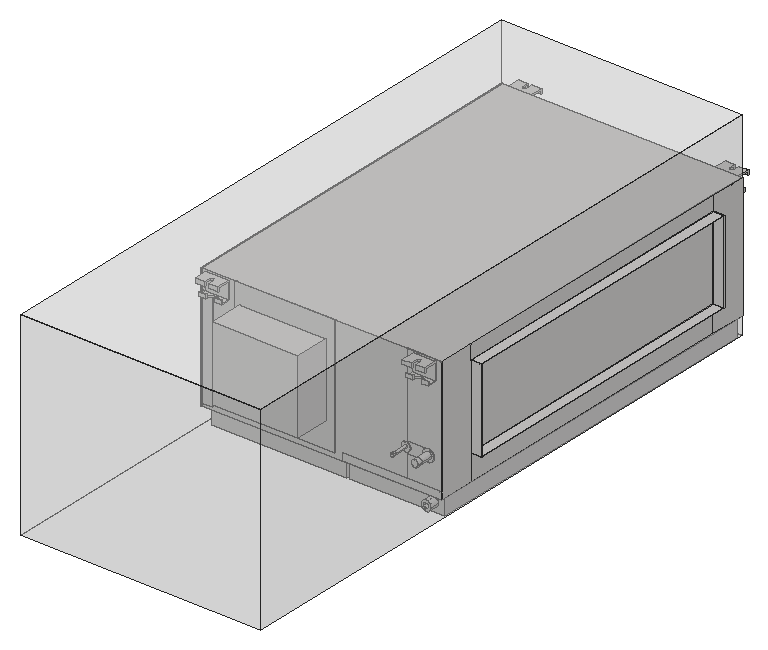
Revit family "outputfile", category 機械設備, Revit 2024
Family settings
  丸型コネクタ寸法 = 半径を使用
  パーツ タイプ = 標準
  OmniClass 番号 = 23.75.10.24.21.27.27
  OmniClass タイトル = Split System Air Conditioning Units
  作業面ベース = いいえ
  常に垂直 = はい
  ロード時にボイドで切り取り = いいえ
  注釈の向きを維持 = いいえ
  共有 = いいえ
  部屋計算ポイント = はい
Parameters (values of type "FDR250QY14")
  Description = ""
  書き出し IFC クラス(タイプ) = "IfcUnitaryEquipmentType"
  定義済み IFC タイプ(タイプ) = "AIRCONDITIONINGUNIT"
  Cost = 0
  Type Comments = ""
  Keynote = ""
  Type Image = (empty or 0)
  Assembly Code = ""
  angle_Drain Pipe [instance] = if(Rear Connection_drainpipe, -90.00°, 90.00°)  # 90.00°
  製造元 = "Daikin"
  モデル = "FDR250QY14"
  w2 = if(Depth = 2195.0 mm, 0.0 mm, if(Depth = 1980.0 mm, 0.0 mm, 352.0 mm))  # 352.0 mm
  w1 = if(Depth = 2195.0 mm, 0.0 mm, if(Depth = 1980.0 mm, 1.0 mm, 20.0 mm))  # 20.0 mm
  switch_frequency = yes
  r_Liquid Pipe Size = Liquid Pipe Size / 2  # 4.75 mm
  r_Gas Pipe Size = Gas Pipe Size / 2  # 11.1 mm
  r_Drain Pipe Size = Drain Pipe Size / 2  # 9.55 mm
  r_D = if(Depth = 2195.0 mm, 41.5 mm, if(Depth = 1980.0 mm, 41.5 mm, 34.5 mm))  # 34.5 mm
  lw_power = if(Depth = 2195.0 mm, Width / 2 - 249.0 mm, if(Depth = 1980.0 mm, Width / 2 - 128.0 mm, Width / 2 - 138.0 mm))  # 287.0 mm
  lw_mountinghole = if(Depth = 2195.0 mm, 100.0 mm, if(Depth = 1980.0 mm, 100.0 mm, if(Depth = 1330.0 mm, 59.0 mm, 59.0 mm)))  # 59.0 mm
  lh_SA = if(Depth = 2195.0 mm, 263.0 mm + SA Duct Size Height / 2, if(Depth = 1980.0 mm, 257.0 mm + SA Duct Size Height / 2, 156.0 mm + SA Duct Size Height / 2))  # 303.0 mm
  ld_SA = if(Depth = 2195.0 mm, 570.0 mm + SA Duct Size Width / 2, if(Depth = 1980.0 mm, 479.0 mm + SA Duct Size Width / 2, 128.0 mm + SA Duct Size Width / 2))  # 665.0 mm
  ld_RA = if(Depth = 2195.0 mm, 171.0 mm + RA Duct Size Width / 2, if(Depth = 1980.0 mm, 169.0 mm + RA Duct Size Width / 2, 128.0 mm + RA Duct Size Width / 2))  # 665.0 mm
  lh_power = if(Depth = 2195.0 mm, 490.0 mm, if(Depth = 1980.0 mm, 300.0 mm, 200.0 mm))  # 200.0 mm
  lh_RA = if(Depth = 2195.0 mm, 60.0 mm + RA Duct Size Height / 2, if(Depth = 1980.0 mm, 61.0 mm + RA Duct Size Height / 2, 156.0 mm + RA Duct Size Height / 2))  # 303.0 mm
  ld_power = if(Depth = 2195.0 mm, 75.8 mm, if(Depth = 1980.0 mm, 70.0 mm, 76.6 mm))  # 76.6 mm
  l_SA = if(Depth = 2195.0 mm, 36.0 mm, if(Depth = 1980.0 mm, 35.0 mm, 39.0 mm))  # 39.0 mm
  l_RA = if(Depth = 2195.0 mm, 36.0 mm, if(Depth = 1980.0 mm, 35.0 mm, 39.0 mm))  # 39.0 mm
  d = if(Depth = 1330.0 mm, 20.0 mm, 0.0 mm)  # 20.0 mm
  connector_voltage = Voltage_50Hz  # 400 V
  connector_powerinput = [Power Input (Cooling)]  # 10.700 kW
  connector_phase = Phase_50Hz  # 3
  Voltage_comment_50Hz = "380 - 415"
  Voltage_50Hz = 400 V
  URL = ""
  Supply Air Direction [instance] = yes
  Sound Power Level_H speed (dB) = 0
  Rear Connection_drainpipe [instance] = not(Front Connection_drainpipe)  # no
  Phase_50Hz = 3
  Minimum External Static Pressure = 0.00 Pa
  Minimum Circuit Amps_50Hz = 4.4 A
  Maximum Fuse Amps_50Hz = 16.0 A
  Maximum External Static Pressure = 98.00 Pa
  Material_Casing = DAIKIN_GalvanizedSteel_Casing_indoorunit
  lw_mountinghole_pitch = if(Depth = 2195.0 mm, 600.0 mm, if(Depth = 1980.0 mm, 600.0 mm, if(Depth = 1330.0 mm, 732.0 mm, 732.0 mm)))  # 732.0 mm
  lh_gaspipe = if(Depth = 2195.0 mm, 205.0 mm, if(Depth = 1980.0 mm, 205.0 mm, 187.0 mm))  # 187.0 mm
  lh_mountinghole = if(Depth = 2195.0 mm, 0.0 mm, if(Depth = 1980.0 mm, 0.0 mm, if(Depth = 1330.0 mm, 495.0 mm, 495.0 mm)))  # 495.0 mm
  lh_liquidpipe = if(Depth = 2195.0 mm, 285.0 mm, if(Depth = 1980.0 mm, 285.0 mm, 187.0 mm))  # 187.0 mm
  lh_drainpipe = if(Depth = 2195.0 mm, 38.0 mm, if(Depth = 1980.0 mm, 38.0 mm, 32.0 mm))  # 32.0 mm
  l_antena = Height - lh_mountinghole + 1.0 mm  # 6.0 mm
  ld_drainpipe = if(Depth = 2195.0 mm, Depth / 2 + 29.0 mm, if(Depth = 1980.0 mm, Depth / 2 + 29.0 mm, Depth / 2 + 9.0 mm))  # 674.0 mm
  ld_liquidpipe = if(Depth = 2195.0 mm, Depth / 2 + 55.0 mm, if(Depth = 1980.0 mm, Depth / 2 + 55.0 mm, Depth / 2 + 60.0 mm))  # 725.0 mm
  ld_gaspipe = if(Depth = 2195.0 mm, Depth / 2 + 55.0 mm, if(Depth = 1980.0 mm, Depth / 2 + 55.0 mm, Depth / 2 + 58.0 mm))  # 723.0 mm
  ld_mountinghole_pitch = if(Depth = 2195.0 mm, 2280.0 mm, if(Depth = 1980.0 mm, 2070.0 mm, 1386.0 mm))  # 1386.0 mm
  h*** = 0.0 mm  # constant formula
  lw_liquidpipe = if(Depth = 2195.0 mm, 83.0 mm, if(Depth = 1980.0 mm, 87.0 mm, 126.0 mm))  # 126.0 mm
  lw_gaspipe = if(Depth = 2195.0 mm, 83.0 mm, if(Depth = 1980.0 mm, 87.0 mm, 47.0 mm))  # 47.0 mm
  lw_drainpipe = if(Depth = 2195.0 mm, 43.0 mm, if(Depth = 1980.0 mm, 45.0 mm, 46.0 mm))  # 46.0 mm
  Width = 850.0 mm
  Version = "ver.1.0"
  Unit Type = "Duct"
  Unit Mass Weight = 106.00 kg
  Unit Designation [instance] = ""
  Uniclass2015Version = "Products v1.30"
  Uniclass2015Title = "Split coil room air conditioning units"
  Uniclass2015Code = "Pr_70_65_03_86"
  Total Cooling Capacity [instance] = 0.000 kW
  Sound Pressure Level_M speed (dBA) = 0
  Sound Pressure Level_L speed (dBA) = 0
  Sound Pressure Level_H speed (dBA) = 57
  Series = "Package Aircon_Fan Coil Unit"
  Sensible Cooling Capacity [instance] = 0.000 kW
  SA Duct Size Width = 1074.0 mm
  SA Duct Size Height = 294.0 mm
  Refrigerant Type = "R410A"
  RA Duct Size Width = 1074.0 mm
  RA Duct Size Height = 294.0 mm
  Power Input (Cooling) = 10.700 kW
  Option Accessory 3 [instance] = ""
  Option Accessory 2 [instance] = ""
  Option Accessory 1 [instance] = ""
  Nominal Cooling Capacity = 28.900 kW
  Minimum Airflow = 0.00 m³/h
  Median Airflow = 0.00 m³/h
  Maximum Airflow = 4680.00 m³/h
  Load Classification = HVAC
  Liquid Pipe Size = 9.5 mm
  Link_Nested Family [instance] = ""
  Front Connection_drainpipe [instance] = yes
  IfcVersion = ""
  IfcExportType = "AIRCONDITIONINGUNIT"
  IfcExportAs = "IfcUnitaryEquipmentType"
  Height = 500.0 mm
  Heat Exchanger Type = "Cross Fin Coil"
  Gas Pipe Size = 22.2 mm
  Frequency_50Hz = 50 Hz
  Fan Type = "Sirocco Fan"
  Fan Drive = "-"
  FCU Tag No. [instance] = ""
  Drain Pipe Size = 19.1 mm
  Design Supply Airflow [instance] = 0.00 m³/h
  Design Return Airflow [instance] = 0.00 m³/h
  Design External Static Pressure [instance] = 0.00 Pa
  Depth = 1330.0 mm
  既定の高さ = 0.0 mm
  Cooling Entering Wet Bulb Temperature [instance] = 0.00 °C
  Cooling Entering Dry Bulb Temperature [instance] = 0.00 °C
  Cooling Ambient Wet Bulb Temperature [instance] = 0.00 °C
  Cooling Ambient Dry Bulb Temperature [instance] = 0.00 °C
  Clearance visibility [instance] = yes
  Clearance Top = 200.0 mm
  Clearance Right = 0.0 mm
  Clearance Rear = 0.0 mm
  Clearance Left = 0.0 mm
  Clearance Front = 800.0 mm
  Clearance Bottom = 0.0 mm
  A = if(Depth = 2195.0 mm, 60.0 mm, if(Depth = 1980.0 mm, 61.0 mm, 63.0 mm))  # 63.0 mm
  300-500 = not([200/250])  # no
  200/250 = Depth = 1330.0 mm  # yes
Reference planes
  plane 1 "Center (Front/Back)": y = 0
  plane 2 "h": z = 0
  plane 3 "Center (Left/Right)": x = 0
  plane 4 "Back": y = 665
  plane 5 "Front": y = -665
  plane 6 "Left": x = -425
  plane 7 "Right": x = 425
  plane 8 "Top": z = 0
  plane 9 "Bottom": z = -500
  plane 10: y = 665
  plane 11: y = -1465
  plane 12: x = -425
  plane 13: x = 425
  plane 14: z = 200
  plane 15: z = -500
  plane 16 "ld_RA": y = 0
  plane 17 "lh_RA": z = -197
  plane 18 "ld_gaspipe": y = -723
  plane 19 "ld_drainpipe": y = -674
  plane 20 "lw_drainpipe": x = 379
  plane 21 "lw_liquidpipe": x = 299
  plane 22 "lw_gaspipe": x = 378
  plane 23 "lw_mountinghole": x = -366
  plane 24 "lw_mountinghole1": x = 366
  plane 25 "ld_mountinghole": y = -693
  plane 26 "ld_mountinghole1": y = 693
  plane 27 "lh_mountinghole": z = -5
  plane 28 "lh_SA": z = -197
  plane 29 "ld_liquidpipe": y = -725
  plane 30 "ld_power": y = -741.6
  plane 31 "ld_drainpipe1": y = 674
  plane 32 "ld_SA": y = 0
  plane 33 "A": z = -437
  plane 34: y = 645
  plane 35: y = -645
  plane 36: x = -405
  plane 37: x = 73
  plane 38: z = -468
  plane 39: z = -468
Forms (mm)
  Extrusion 1, solid, material "DAIKIN_GalvanizedSteel_Casing_indoorunit" <- "Material_Casing"
    sketch origin (0, 0, -500) x (-1, 0, 0) y (0, -1, 0)
      loop
        line (424, -665) -> (424, 665) -> (-425, 665) -> (-425, -665) -> (424, -665)
    from 500 to 63
  Extrusion 2, solid, material "DAIKIN_GalvanizedSteel_Casing_indoorunit" <- "Material_Casing"
    sketch origin (0, 0, -500) x (-1, 0, 0) y (0, -1, 0)
      loop
        line (405, -645) -> (405, 645) -> (-73, 645) -> (-73, -645) -> (405, -645)
    from 0 to 63
  Extrusion 3, solid, material "DAIKIN_GalvanizedSteel_Casing_indoorunit" <- "Material_Casing", visible <- "200/250"
    sketch origin (0, 0, 0) x (1, 0, 0) y (0, 0, 1)
      loop
        line (84.8, -437) -> (84.8, -500) -> (419.6, -500) -> (419.6, -437) -> (84.8, -437)
    from -645 to 645
  Extrusion 4, solid, material "DAIKIN_GalvanizedSteel_Casing_indoorunit" <- "Material_Casing", visible <- "Front Connection_drainpipe"
    sketch origin (73, -645, -500) x (-1, 0, 0) y (0, 0, -1)
      loop
        circle (-306, -32) r 17.25
      loop
        circle (-306, -32) r 9.55
    from 0 to 29
  Extrusion 5, solid, material "DAIKIN_GalvanizedSteel_Casing_indoorunit" <- "Material_Casing", visible <- "Rear Connection_drainpipe"
    sketch origin (-405, 645, -500) x (1, 0, 0) y (0, 0, -1)
      loop
        circle (784, -32) r 17.25
      loop
        circle (784, -32) r 9.55
    from 0 to 29
Dimensions and locks
  "Height": plane 8 "Top" to plane 9 "Bottom"
  equal spacing: plane 4 "Back", plane 1 "Center (Front/Back)", plane 5 "Front"
  "Depth": plane 4 "Back" to plane 5 "Front"
  equal spacing: plane 6 "Left", plane 3 "Center (Left/Right)", plane 7 "Right"
  "Width": plane 6 "Left" to plane 7 "Right"
  "Clearance Left": plane 12 to plane 6 "Left"
  "Clearance Right": plane 7 "Right" to plane 13
  "Clearance Rear": plane 10 to plane 4 "Back"
  "Clearance Front": plane 5 "Front" to plane 11
  "Clearance Top": plane 14 to plane 8 "Top"
  "Clearance Bottom": plane 9 "Bottom" to plane 15
  "ld_RA": plane 16 "ld_RA" to plane 5 "Front"
  "lh_RA": plane 17 "lh_RA" to plane 9 "Bottom"
  "lw_drainpipe": plane 20 "lw_drainpipe" to plane 7 "Right"
  "lw_liquidpipe": plane 21 "lw_liquidpipe" to plane 7 "Right"
  "lw_gaspipe": plane 22 "lw_gaspipe" to plane 7 "Right"
  "lw_mountinghole_pitch": plane 23 "lw_mountinghole" to plane 24 "lw_mountinghole1"
  equal spacing: plane 25 "ld_mountinghole", plane 1 "Center (Front/Back)", plane 26 "ld_mountinghole1"
  "ld_mountinghole_pitch": plane 26 "ld_mountinghole1" to plane 25 "ld_mountinghole"
  "lh_mountinghole": plane 27 "lh_mountinghole" to plane 9 "Bottom"
  "lh_SA": plane 28 "lh_SA" to plane 9 "Bottom"
  "h***": plane 8 "Top" to plane 2 "h"
  "lw_mountinghole": plane 6 "Left" to plane 23 "lw_mountinghole"
  "ld_drainpipe": plane 31 "ld_drainpipe1" to plane 1 "Center (Front/Back)"
  "ld_drainpipe": plane 1 "Center (Front/Back)" to plane 19 "ld_drainpipe"
  "ld_power": plane 5 "Front" to plane 30 "ld_power"
  "ld_liquidpipe": plane 29 "ld_liquidpipe" to plane 1 "Center (Front/Back)"
  "ld_gaspipe": plane 18 "ld_gaspipe" to plane 1 "Center (Front/Back)"
  "ld_SA": plane 32 "ld_SA" to plane 5 "Front"
  "A": plane 33 "A" to plane 9 "Bottom"
  "w1": plane 6 "Left" to plane 36
  "d": plane 4 "Back" to plane 34
  "d": plane 35 to plane 5 "Front"
  "w2": plane 37 to plane 7 "Right"
  locked: plane 6 "Left" to Extrusion 1 sketch curve at 1
  locked: Extrusion 3 sketch curve to Extrusion 3 sketch curve at 334.8
  locked: Extrusion 3 sketch curve to plane 7 "Right" at 5.4
  "lh_drainpipe": plane 38 to plane 9 "Bottom"
  "lh_drainpipe": plane 39 to plane 9 "Bottom"
  "r_D": diameter of Extrusion 4 sketch curve
  "Drain Pipe Size": diameter of Extrusion 4 sketch curve
  "Drain Pipe Size": diameter of Extrusion 5 sketch curve
  "r_D": diameter of Extrusion 5 sketch curve
  aligned and locked: level to plane 2 "h"
  aligned and locked: nested 4 to plane 11
  aligned and locked: nested 4 to plane 12  (x2)
  aligned and locked: nested 4 to plane 13
  aligned and locked: plane 10 to nested 4
  aligned and locked: plane 14 to nested 4
  aligned and locked: plane 15 to nested 4
  aligned and locked: nested 2 to plane 21 "lw_liquidpipe"
  aligned and locked: nested 1 to plane 22 "lw_gaspipe"
  aligned and locked: nested 1 to plane 18 "ld_gaspipe"
  aligned and locked: plane 23 "lw_mountinghole" to nested 6
  aligned and locked: nested 6 to plane 26 "ld_mountinghole1"
  aligned and locked: plane 24 "lw_mountinghole1" to nested 5
  aligned and locked: nested 5 to plane 26 "ld_mountinghole1"
  aligned and locked: plane 24 "lw_mountinghole1" to nested 8
  aligned and locked: plane 25 "ld_mountinghole" to nested 8
  aligned and locked: plane 25 "ld_mountinghole" to nested 7
  aligned and locked: plane 23 "lw_mountinghole" to nested 7
  aligned and locked: nested 2 to plane 29 "ld_liquidpipe"
  aligned and locked: plane 28 "lh_SA" to nested 9
  aligned and locked: nested 3 to plane 3 "Center (Left/Right)"
  aligned and locked: plane 1 "Center (Front/Back)" to nested 3
  aligned and locked: nested 11 to plane 3 "Center (Left/Right)"
  aligned and locked: nested 11 to plane 30 "ld_power"
  aligned and locked: nested 9 to plane 6 "Left"
  aligned and locked: nested 9 to plane 32 "ld_SA"
  aligned and locked: plane 7 "Right" to nested 10
  aligned and locked: plane 16 "ld_RA" to nested 10
  aligned and locked: plane 7 "Right" to nested 12
  aligned and locked: nested 12 to plane 1 "Center (Front/Back)"
  aligned and locked: plane 1 "Center (Front/Back)" to nested 13
  aligned and locked: nested 13 to plane 6 "Left"
  aligned and locked: plane 9 "Bottom" to nested 13
  aligned and locked: Extrusion 1 sketch curve to plane 4 "Back"
  aligned and locked: plane 5 "Front" to Extrusion 1 sketch curve
  aligned and locked: Extrusion 1 sketch curve to plane 7 "Right"
  aligned and locked: Extrusion 1 to plane 8 "Top"
  aligned and locked: Extrusion 1 to plane 33 "A"
  aligned and locked: Extrusion 2 sketch curve to plane 34
  aligned and locked: plane 36 to Extrusion 2 sketch curve
  aligned and locked: plane 35 to Extrusion 2 sketch curve
  aligned and locked: Extrusion 2 sketch curve to plane 37
  aligned and locked: plane 33 "A" to Extrusion 2
  aligned and locked: Extrusion 2 to plane 9 "Bottom"
  aligned and locked: plane 25 "ld_mountinghole" to nested 14
  aligned and locked: nested 15 to plane 26 "ld_mountinghole1"
  aligned and locked: plane 23 "lw_mountinghole" to nested 14
  aligned and locked: nested 15 to plane 23 "lw_mountinghole"
  aligned and locked: plane 9 "Bottom" to nested 15
  aligned and locked: nested 14 to plane 9 "Bottom"
  aligned and locked: plane 23 "lw_mountinghole" to nested 16
  aligned and locked: plane 24 "lw_mountinghole1" to nested 17
  aligned and locked: nested 16 to plane 25 "ld_mountinghole"
  aligned and locked: nested 17 to plane 25 "ld_mountinghole"
  aligned and locked: nested 18 to plane 26 "ld_mountinghole1"
  aligned and locked: nested 19 to plane 26 "ld_mountinghole1"
  aligned and locked: nested 19 to plane 24 "lw_mountinghole1"
  aligned and locked: nested 18 to plane 23 "lw_mountinghole"
  aligned and locked: plane 27 "lh_mountinghole" to nested 18
  aligned and locked: plane 27 "lh_mountinghole" to nested 16
  aligned and locked: plane 27 "lh_mountinghole" to nested 19
  aligned and locked: plane 27 "lh_mountinghole" to nested 17
  aligned and locked: plane 8 "Top" to nested 12
  aligned and locked: Extrusion 3 sketch curve to plane 33 "A"
  aligned and locked: plane 9 "Bottom" to Extrusion 3 sketch curve
  aligned and locked: Extrusion 3 to Extrusion 2
  aligned and locked: Extrusion 2 to Extrusion 3
  aligned and locked: nested 20 to plane 5 "Front"
  aligned and locked: plane 3 "Center (Left/Right)" to nested 20
  aligned and locked: plane 9 "Bottom" to nested 20
  aligned and locked: Extrusion 4 sketch curve to plane 20 "lw_drainpipe"  (x2)
  aligned and locked: plane 38 to Extrusion 4 sketch curve  (x2)
  aligned and locked: Extrusion 4 to plane 19 "ld_drainpipe"
  aligned and locked: Extrusion 5 sketch curve to plane 20 "lw_drainpipe"  (x2)
  aligned and locked: plane 39 to Extrusion 5 sketch curve  (x2)
  aligned and locked: plane 31 "ld_drainpipe1" to Extrusion 5
  aligned and locked: plane 1 "Center (Front/Back)" to nested 21
  aligned and locked: nested 21 to plane 20 "lw_drainpipe"
Nested families
  nested 1: "daikin_connector_rotate2" at (378, 0, -313), length <- "ld_gaspipe", built-in parameter 1001364 <- "lh_gaspipe", radius <- "r_Gas Pipe Size", type "daikin_connector_rotate2"
    with radius 11.1 mm, length 723.0 mm, angle_vertical 90.00°
  nested 2: "daikin_connector_rotate2" at (299, 0, -313), length <- "ld_liquidpipe", built-in parameter 1001364 <- "lh_liquidpipe", radius <- "r_Liquid Pipe Size", type "daikin_connector_rotate2"
    with radius 4.75 mm, length 725.0 mm, angle_vertical 90.00°
  nested 3: "daikin_△_symbolicline" at (0, 0, 500) x (0, -1, 0) z (0, 0, 1), built-in parameter 1001364 <- "Height", visible <- "Supply Air Direction", type "daikin_△_symbolicline"
    with length 250.0 mm
  nested 4: "daikin_clearancespace" at (0, -400, -149.881), visible <- "Clearance visibility", show <- "Clearance visibility", Link_Nested Family <- "Link_Nested Family", type "daikin_clearancespace"
    with width 850.0 mm, show yes, height 700.0 mm, depth 2130.0 mm, Link_Nested Family ""
  nested 5: "daikin_mountinghole" at (366, 693, -500), l_antenna <- "l_antena", Link_Nested Family <- "Link_Nested Family", h_mountinghole <- "lh_mountinghole", type "daikin_mountinghole"
    with show yes, l_antenna 6.0 mm, h_mountinghole 495.0 mm, Link_Nested Family ""
  nested 6: "daikin_mountinghole" at (-366, 693, -500), l_antenna <- "l_antena", Link_Nested Family <- "Link_Nested Family", h_mountinghole <- "lh_mountinghole", type "daikin_mountinghole"
    with show yes, l_antenna 6.0 mm, h_mountinghole 495.0 mm, Link_Nested Family ""
  nested 7: "daikin_mountinghole" at (-366, -693, -500), h_mountinghole <- "lh_mountinghole", l_antenna <- "l_antena", Link_Nested Family <- "Link_Nested Family", type "daikin_mountinghole"
    with show yes, l_antenna 6.0 mm, h_mountinghole 495.0 mm, Link_Nested Family ""
  nested 8: "daikin_mountinghole" at (366, -693, -500), h_mountinghole <- "lh_mountinghole", l_antenna <- "l_antena", Link_Nested Family <- "Link_Nested Family", type "daikin_mountinghole"
    with show yes, l_antenna 6.0 mm, h_mountinghole 495.0 mm, Link_Nested Family ""
  nested 9: "daikin_connector_rotate2" at (-425, 0, -197) x (0, -1, 0) z (0, 0, 1), built-in parameter 1001364 <- "lh_SA", length <- "l_SA", type "daikin_connector_rotate2"
    with radius 10.0 mm, length 39.0 mm, angle_vertical 90.00°
  nested 10: "daikin_connector_rotate2" at (425, 0, -197) x (0, 1, 0) z (0, 0, 1), built-in parameter 1001364 <- "lh_RA", length <- "l_RA", type "daikin_connector_rotate2"
    with radius 10.0 mm, length 39.0 mm, angle_vertical 90.00°
  nested 11: "daikin_connector_rotate2" at (0, -741.6, -300) x (0, -1, 0) z (0, 0, 1), length <- "lw_power", built-in parameter 1001364 <- "lh_power", type "daikin_connector_rotate2"
    with radius 10.0 mm, length 287.0 mm, angle_vertical 90.00°
  nested 12: "daikin_RA ductflange_FDR-QY14" at (425, 0, -500) x (0, 1, 0) z (0, 0, 1), type "daikin_RA ductflange_FDR-QY14"
    with lh_RA 156.0 mm, ld_RA 128.0 mm, l_RA 39.0 mm, a 63.0 mm, RA Duct Size Width 1074.0 mm, RA Duct Size Height 294.0 mm, Depth 1330.0 mm, Height 500.0 mm, t 0.8 mm, 200/250 yes
  nested 13: "daikin_SA ductflange_FDR-QY14" at (-425, 0, -500) x (0, -1, 0) z (0, 0, 1), type "daikin_SA ductflange_FDR-QY14"
  nested 14: "daikin_anchor boltsfixture_FDR-QY14" at (-366, -693, -500), visible <- "300-500", type "daikin_anchor boltsfixture_FDR-QY14"
    with b 45.0 mm, a 61.0 mm, Width 850.0 mm, Height 500.0 mm
  nested 15: "daikin_anchor boltsfixture_FDR-QY14" at (-366, 693, -500), visible <- "300-500", type "daikin_anchor boltsfixture_FDR-QY14"
    with b 45.0 mm, a 61.0 mm, Width 850.0 mm, Height 500.0 mm
  nested 16: "daikin_hangerfixture_FDR-QY14" at (-366, -693, -5) x (0, 1, 0) z (0, 0, 1), visible <- "200/250", type "daikin_hangerfixture_FDR-QY14"
  nested 17: "daikin_hangerfixture_FDR-QY14" at (366, -693, -5) x (0, 1, 0) z (0, 0, 1), visible <- "200/250", type "daikin_hangerfixture_FDR-QY14"
  nested 18: "daikin_hangerfixture_FDR-QY14" at (-366, 693, -5) x (0, -1, 0) z (0, 0, 1), visible <- "200/250", type "daikin_hangerfixture_FDR-QY14"
  nested 19: "daikin_hangerfixture_FDR-QY14" at (366, 693, -5) x (0, -1, 0) z (0, 0, 1), visible <- "200/250", type "daikin_hangerfixture_FDR-QY14"
  nested 20: "daikin_rightpanel_FDR-QY14" at (0, -665, -500), material <- "Material_Casing", type "daikin_rightpanel_FDR-QY14"
    with material DAIKIN_GalvanizedSteel_Casing_indoorunit, 内径_gaspipe 22.2 mm, 内径_liquidpipe 9.5 mm
  nested 21: "daikin_connector_rotate2" at (379, 0, -468), built-in parameter 1001364 <- "lh_drainpipe", length <- "ld_drainpipe", radius <- "r_Drain Pipe Size", angle_vertical <- "angle_Drain Pipe", type "daikin_connector_rotate2"
    with radius 9.55 mm, length 674.0 mm, angle_vertical 90.00°
Connectors
  piping at (378, -723, -313), diameter 22.2, driven by "r_Gas Pipe Size"
    settings: on nested 1, index 4, connector inside diameter 609.6 mm, connector length 0.0 mm, flow factor 0, pipe flow 0.00 m³/h, pressure drop 0.0 Pa, fitting loss kfactor 0, connector angle 0.00°, fixture units 0, engagement length 0.0 mm, angle of deflection 0.00°, flow configuration 1, flow direction 2, fitting loss method 0, system type 29, joint type 0, gender type 0, connector reference index -1, connector utility 0, adjustable connector no, is connector primary yes, connector description "Refrigerant Gas Piping"
  piping at (299, -725, -313), diameter 9.5, driven by "r_Liquid Pipe Size"
    settings: on nested 2, index 5, connector inside diameter 609.6 mm, connector length 0.0 mm, flow factor 0, pipe flow 0.00 m³/h, pressure drop 0.0 Pa, fitting loss kfactor 0, connector angle 0.00°, fixture units 0, engagement length 0.0 mm, angle of deflection 0.00°, flow configuration 1, flow direction 1, fitting loss method 0, system type 29, joint type 0, gender type 0, connector reference index -1, connector utility 0, adjustable connector no, is connector primary no, connector description "Refrigerant Liquid Piping"
  hvac at (-464, 0, -197), driven by "SA Duct Size Height", driven by "SA Duct Size Width"
    settings: on nested 9, index 7, duct flow 0.00 m³/h, flow factor 0, pres drop 0.00 Pa, loss coef 0, conn angle 0.00°, conn width 1074.0 mm, conn height 294.0 mm, conn diameter 609.6 mm, duct sys type 1, conn prof type 1, flow config 0, flow direction 2, loss method 4, conn ref index -1, conn util no, is conn primary yes, conn desc "SA Duct"
  hvac at (464, 0, -197), driven by "RA Duct Size Height", driven by "RA Duct Size Width"
    settings: on nested 10, index 8, duct flow 0.00 m³/h, flow factor 0, pres drop 0.00 Pa, loss coef 0, conn angle 0.00°, conn width 1074.0 mm, conn height 294.0 mm, conn diameter 609.6 mm, duct sys type 2, conn prof type 1, flow config 0, flow direction 1, loss method 4, conn ref index -1, conn util no, is conn primary no, conn desc "RA Duct"
  electrical at (-287, -741.6, -300), driven by "connector_phase", driven by "Load Classification", driven by "connector_voltage", driven by "connector_powerinput"
    settings: on nested 11, index 9, voltage 400 V, apparent load 10700 VA, apparent load phase1 0 VA, apparent load phase2 0 VA, apparent load phase3 0 VA, power factor 1, load classification "HVAC", number of poles 3, system type 30, power factor state 1, is connector primary yes, connector utility no, sub classification motor no, connector description "Power Supply"
  piping at (379, -674, -468), diameter 19.1, driven by "r_Drain Pipe Size"
    settings: on nested 21, index 10, connector inside diameter 609.6 mm, connector length 0.0 mm, flow factor 0, pipe flow 0.00 m³/h, pressure drop 0.0 Pa, fitting loss kfactor 0, connector angle 0.00°, fixture units 0, engagement length 0.0 mm, angle of deflection 0.00°, flow configuration 1, flow direction 2, fitting loss method 4, system type 16, joint type 0, gender type 0, connector reference index -1, connector utility 0, adjustable connector no, is connector primary no, connector description "Condensate Drain Piping"
Definition of nested family "daikin_clearancespace"
  Parameters (values of type "daikin_clearancespace")
    Description = "daikin_clearancespace"
    width [instance] = 1823.963 mm
    show [instance] = yes
    material = none
    height [instance] = 1359.762 mm
    depth [instance] = 880.0 mm
    Default Elevation = 0.0 mm
    Link_Nested Family [instance] = ""
  Reference planes
    plane 1 "Center (Front/Back)": y = 0
    plane 2 "Center (Elevation)": z = -0.119
    plane 3 "Center (Left/Right)": x = 0
    plane 4: y = 440
    plane 5: y = -440
    plane 6 "Right": x = 911.982
    plane 7 "Left": x = -911.982
    plane 8 "Top": z = 679.762
    plane 9 "Bottom": z = -680
  Forms (mm)
    Extrusion 1, solid, material <- "material", visible <- "show"
      sketch origin (0, 0, 0) x (1, 0, 0) y (0, 1, 0)
        loop
          line (-911.982, 440) -> (-911.982, -440) -> (911.982, -440) -> (911.982, 440) -> (-911.982, 440)
      from -680 to 679.762
  Lines and regions (mm)
    symbolic lines, visible <- "show"
      curve 1: line (911.982, 440, 0) -> (-911.982, 440, 0)
      curve 2: line (-911.982, 440, 0) -> (-911.982, -440, 0)
      curve 3: line (-911.982, -440, 0) -> (911.982, -440, 0)
      curve 4: line (911.982, -440, 0) -> (911.982, 440, 0)
      curve 5: line (911.982, 0, 679.762) -> (-911.982, 0, 679.762)
      curve 6: line (911.982, 0, -680) -> (911.982, 0, 679.762)
      curve 7: line (-911.982, 0, -680) -> (911.982, 0, -680)
      curve 8: line (-911.982, 0, 679.762) -> (-911.982, 0, -680)
      curve 9: line (0, 440, 679.762) -> (0, -440, 679.762)
      curve 10: line (0, -440, 679.762) -> (0, -440, -680)
      curve 11: line (0, 440, -680) -> (0, 440, 679.762)
      curve 12: line (0, -440, -680) -> (0, 440, -680)
  Dimensions and locks
    "width": plane 7 "Left" to plane 6 "Right"
    "depth": plane 4 to plane 5
    "height": plane 8 "Top" to plane 9 "Bottom"
    equal spacing: plane 7 "Left", plane 3 "Center (Left/Right)", plane 6 "Right"
    equal spacing: plane 4, plane 1 "Center (Front/Back)", plane 5
    equal spacing: plane 8 "Top", plane 2 "Center (Elevation)", plane 9 "Bottom"
    aligned and locked: level to plane 2 "Center (Elevation)"
    aligned and locked: Extrusion 1 sketch curve to plane 4
    aligned and locked: plane 7 "Left" to Extrusion 1 sketch curve
    aligned and locked: Extrusion 1 sketch curve to plane 5
    aligned and locked: Extrusion 1 sketch curve to plane 6 "Right"
    aligned and locked: plane 8 "Top" to Extrusion 1
    aligned and locked: curve 1 to Extrusion 1
    aligned and locked: curve 2 to Extrusion 1
    aligned and locked: curve 3 to Extrusion 1
    aligned and locked: curve 4 to Extrusion 1
    aligned and locked: curve 5 to Extrusion 1
    aligned and locked: curve 6 to Extrusion 1
    aligned and locked: curve 7 to Extrusion 1
    aligned and locked: curve 8 to Extrusion 1
    aligned and locked: curve 9 to Extrusion 1
    aligned and locked: curve 10 to Extrusion 1
    aligned and locked: curve 11 to Extrusion 1
    aligned and locked: curve 12 to Extrusion 1
    aligned and locked: Extrusion 1 to plane 9 "Bottom"
Definition of nested family "daikin_RA ductflange_FDR-QY14"
  Parameters (values of type "daikin_RA ductflange_FDR-QY14")
    lh_RA = if(Depth = 2195.0 mm, 60.0 mm, if(Depth = 1980.0 mm, 61.0 mm, 156.0 mm))  # 60.0 mm
    ld_RA = if(Depth = 2195.0 mm, 171.0 mm, if(Depth = 1980.0 mm, 169.0 mm, 128.0 mm))  # 171.0 mm
    l_RA = if(Depth = 2195.0 mm, 36.0 mm, if(Depth = 1980.0 mm, 35.0 mm, 39.0 mm))  # 36.0 mm
    a = if(Depth = 2195.0 mm, 60.0 mm, if(Depth = 1980.0 mm, 61.0 mm, 63.0 mm))  # 60.0 mm
    RA Duct Size Width = if(Depth = 2195.0 mm, 1974.0 mm, if(Depth = 1980.0 mm, 1764.0 mm, 1074.0 mm))  # 1974.0 mm
    RA Duct Size Height = if(Depth = 2195.0 mm, 679.0 mm, if(Depth = 1980.0 mm, 544.0 mm, 294.0 mm))  # 679.0 mm
    Depth = 2195.0 mm
    material = none
    Height = 760.0 mm
    t = if(Depth = 1330.0 mm, 0.8 mm, 1.0 mm)  # 1.0 mm
    Default Elevation = 0.0 mm
    200/250 = Depth = 1330.0 mm  # no
  Reference planes
    plane 1 "Center (Front/Back)": y = 0
    plane 2: z = 0
    plane 3 "Center (Left/Right)": x = 0
    plane 4: x = -1097.5
    plane 5: x = 1097.5
    plane 6: z = 760
    plane 7: z = 739
    plane 8 "a": z = 60
    plane 9: x = -926.5
    plane 10: x = 1047.5
    plane 11: x = -925.5
    plane 12: x = 1046.5
    plane 13: z = 60
    plane 14: y = -36
    plane 15: y = 1
    plane 16: x = -925.5
    plane 17: x = 1046.5
  Forms (mm)
    Extrusion 1, solid, material <- "material"
      sketch origin (0, 0, 0) x (1, 0, 0) y (0, 0, 1)
        loop
          line (-1097.5, 760) -> (-1097.5, 60) -> (-925.5, 60) -> (-925.5, 760) -> (-1097.5, 760)
      from 0 to -1
    Extrusion 2, solid, material <- "material"
      sketch origin (0, 0, 0) x (1, 0, 0) y (0, 0, 1)
        loop
          line (1097.5, 760) -> (1046.5, 760) -> (1046.5, 60) -> (1097.5, 60) -> (1097.5, 760)
      from 0 to -1
    Extrusion 3, solid, material <- "material"
      sketch origin (0, 0, 0) x (1, 0, 0) y (0, 0, 1)
        loop
          line (-926.5, 739) -> (-926.5, 60) -> (-925.5, 60) -> (-925.5, 739) -> (-926.5, 739)
        loop
          line (1046.5, 739) -> (1046.5, 60) -> (1047.5, 60) -> (1047.5, 739) -> (1046.5, 739)
      from 0 to 36
    Extrusion 4, solid, material <- "material"
      sketch origin (0, 0, 0) x (0, 1, 0) y (0, 0, 1)
        loop
          line (-36, 739) -> (-36, 738) -> (1, 738) -> (1, 760) -> (0, 760) -> (0, 739) -> (-36, 739)
        loop
          line (-36, 61) -> (-36, 60) -> (1, 60) -> (1, 61) -> (-36, 61)
      from -925.5 to 1046.5
    Extrusion 5, solid, material <- "material", visible <- "200/250"
      sketch origin (0, 0, 0) x (0, 1, 0) y (0, 0, 1)
        loop
          line (0, 60) -> (0, -33) -> (1, -33) -> (1, 60) -> (0, 60)
      from -925.5 to 1046.5
  Dimensions and locks
    equal spacing: plane 5, plane 3 "Center (Left/Right)", plane 4
    "Depth": plane 5 to plane 4
    "Height": plane 6 to plane 2
    "ld_RA": plane 9 to plane 4
    "RA Duct Size Width": plane 10 to plane 9
    "a": plane 8 "a" to plane 2
    "t": plane 11 to plane 9
    "t": plane 10 to plane 12
    "lh_RA": plane 13 to plane 2
    "RA Duct Size Height": plane 7 to plane 13
    "t": Extrusion 3 sketch curve to Extrusion 3 sketch curve  (x2)
    "l_RA": plane 14 to plane 1 "Center (Front/Back)"
    "t": plane 15 to plane 1 "Center (Front/Back)"
    "t": Extrusion 4 sketch curve to Extrusion 4 sketch curve  (x2)
    "t": plane 17 to plane 10
    "t": plane 9 to plane 16
    locked: Extrusion 5 sketch curve to Extrusion 5 sketch curve at 93
    aligned and locked: level to plane 2
    aligned and locked: Extrusion 1 sketch curve to plane 6
    aligned and locked: plane 4 to Extrusion 1 sketch curve
    aligned and locked: plane 8 "a" to Extrusion 1 sketch curve
    aligned and locked: Extrusion 1 sketch curve to plane 11
    aligned and locked: Extrusion 1 to plane 1 "Center (Front/Back)"
    aligned and locked: plane 6 to Extrusion 2 sketch curve
    aligned and locked: plane 5 to Extrusion 2 sketch curve
    aligned and locked: Extrusion 2 sketch curve to plane 8 "a"
    aligned and locked: Extrusion 2 sketch curve to plane 12
    aligned and locked: Extrusion 2 to plane 1 "Center (Front/Back)"
    aligned and locked: Extrusion 3 sketch curve to plane 7  (x2)
    aligned and locked: plane 9 to Extrusion 3 sketch curve
    aligned and locked: Extrusion 3 sketch curve to plane 10
    aligned and locked: plane 13 to Extrusion 3 sketch curve  (x2)
    aligned and locked: Extrusion 3 to plane 1 "Center (Front/Back)"
    aligned and locked: Extrusion 3 to plane 14
    aligned and locked: plane 15 to Extrusion 1
    aligned and locked: plane 15 to Extrusion 2
    aligned and locked: Extrusion 4 sketch curve to plane 7
    aligned and locked: Extrusion 4 sketch curve to plane 1 "Center (Front/Back)"
    aligned and locked: Extrusion 4 sketch curve to plane 6
    aligned and locked: Extrusion 4 sketch curve to plane 15  (x2)
    aligned and locked: plane 14 to Extrusion 4 sketch curve  (x2)
    aligned and locked: plane 13 to Extrusion 4 sketch curve
    aligned and locked: Extrusion 4 to plane 16
    aligned and locked: plane 17 to Extrusion 4
    aligned and locked: Extrusion 5 sketch curve to plane 13
    aligned and locked: Extrusion 5 sketch curve to plane 1 "Center (Front/Back)"
    aligned and locked: Extrusion 5 sketch curve to plane 15
    aligned and locked: Extrusion 5 to plane 16
    aligned and locked: plane 17 to Extrusion 5
Definition of nested family "daikin_SA ductflange_FDR-QY14"
  Parameters (values of type "daikin_SA ductflange_FDR-QY14")
    lh_SA = if(Depth = 2195.0 mm, 263.0 mm, if(Depth = 1980.0 mm, 257.0 mm, 156.0 mm))  # 156.0 mm
    ld_SA = if(Depth = 2195.0 mm, 570.0 mm, if(Depth = 1980.0 mm, 479.0 mm, 128.0 mm))  # 128.0 mm
    l_SA = if(Depth = 2195.0 mm, 36.0 mm, if(Depth = 1980.0 mm, 35.0 mm, 39.0 mm))  # 39.0 mm
    a = if(Depth = 2195.0 mm, 60.0 mm, if(Depth = 1980.0 mm, 61.0 mm, 63.0 mm))  # 63.0 mm
    SA Duct Size Width = if(Depth = 2195.0 mm, 1045.0 mm, if(Depth = 1980.0 mm, 1045.0 mm, 1074.0 mm))  # 1074.0 mm
    SA Duct Size Height = if(Depth = 2195.0 mm, 347.0 mm, if(Depth = 1980.0 mm, 349.0 mm, 294.0 mm))  # 294.0 mm
    Depth = 1330.0 mm
    material = none
    Height = 500.0 mm
    t = if(Depth = 1330.0 mm, 0.8 mm, 1.0 mm)  # 0.8 mm
    Default Elevation = 0.0 mm
    450/500 = Depth = 2195.0 mm  # no
    300/400 = Depth = 1980.0 mm  # no
    200/250以外 = not(Depth = 1330.0 mm)  # no
    200/250 = or(Depth = 1330.0 mm, and(not(Depth = 1980.0 mm), not(Depth = 2195.0 mm)))  # yes
  Reference planes
    plane 1 "Center (Front/Back)": y = 0
    plane 2: z = 0
    plane 3 "Center (Left/Right)": x = 0
    plane 4: x = -665
    plane 5: x = 665
    plane 6: z = 500
    plane 7: z = 450
    plane 8 "a": z = 63
    plane 9: x = -537
    plane 10: x = 537
    plane 11: z = 156
    plane 12: y = -39
    plane 13: y = 0.8
    plane 14: x = -536.2
    plane 15: x = 536.2
  Forms (mm)
    Extrusion 1, solid, material <- "material"
      sketch origin (0, 0, 0) x (1, 0, 0) y (0, 0, 1)
        loop
          line (-537, 450) -> (-537, 156) -> (-536.2, 156) -> (-536.2, 450) -> (-537, 450)
        loop
          line (536.2, 450) -> (536.2, 156) -> (537, 156) -> (537, 450) -> (536.2, 450)
      from 0 to 39
    Extrusion 2, solid, material <- "material"
      sketch origin (0, 0, 0) x (0, 1, 0) y (0, 0, 1)
        loop
          line (-39, 450) -> (-39, 449.2) -> (0.8, 449.2) -> (0.8, 450) -> (-39, 450)
        loop
          line (-39, 156.8) -> (-39, 156) -> (0.8, 156) -> (0.8, 156.8) -> (-39, 156.8)
      from -536.2 to 536.2
    Extrusion 3, solid, material <- "material", visible <- "200/250以外"
      sketch origin (0, 0, 0) x (1, 0, 0) y (0, 0, 1)
        loop
          line (-557, 450) -> (-557, 156) -> (-537, 156) -> (-537, 450) -> (-557, 450)
        loop
          line (537, 450) -> (537, 156) -> (557, 156) -> (557, 450) -> (537, 450)
      from 0 to -0.8
    Extrusion 4, solid, material <- "material", visible <- "200/250以外"
      sketch origin (0, 0, 0) x (1, 0, 0) y (0, 0, 1)
        loop
          line (-537, 470) -> (-537, 450) -> (537, 450) -> (537, 470) -> (-537, 470)
        loop
          line (-537, 156) -> (-537, 136) -> (537, 136) -> (537, 156) -> (-537, 156)
      from 0 to -0.8
    Extrusion 5, solid, material <- "material", visible <- "200/250"
      sketch origin (0, 0, 0) x (1, 0, 0) y (0, 0, 1)
        loop
          line (-665, 500) -> (-665, 63) -> (-537, 63) -> (-537, 500) -> (-665, 500)
        loop
          line (665, 500) -> (537, 500) -> (537, 63) -> (665, 63) -> (665, 500)
      from 0 to -0.8
    Extrusion 6, solid, material <- "material", visible <- "200/250"
      sketch origin (0, 0, 0) x (1, 0, 0) y (0, 0, 1)
        loop
          line (-537, 500) -> (-537, 450) -> (537, 450) -> (537, 500) -> (-537, 500)
        loop
          line (-537, 156) -> (-537, 63) -> (537, 63) -> (537, 156) -> (-537, 156)
      from 0 to -0.8
    Extrusion 7, solid, material <- "material", visible <- "450/500"
      sketch origin (0, 0, 0) x (1, 0, 0) y (0, 0, 1)
        loop
          line (-707, 450) -> (-707, 63) -> (-557, 63) -> (-557, 450) -> (-707, 450)
        loop
          line (557, 450) -> (557, 63) -> (706, 63) -> (706, 450) -> (557, 450)
      from 0 to -0.8
    Extrusion 8, solid, material <- "material", visible <- "450/500"
      sketch origin (0, 0, 0) x (1, 0, 0) y (0, 0, 1)
        loop
          line (-557, 136) -> (-557, 63) -> (557, 63) -> (557, 136) -> (-557, 136)
        loop
          line (-708, 600) -> (-708, 450) -> (708, 450) -> (708, 600) -> (-708, 600)
      from 0 to -0.8
    Extrusion 9, solid, material <- "material", visible <- "450/500"
      sketch origin (0, 0, 0) x (1, 0, 0) y (0, 0, 1)
        loop
          line (-665, 500) -> (-708, 500) -> (-708, 63) -> (-665, 63) -> (-665, 500)
        loop
          line (708, 500) -> (665, 500) -> (665, 63) -> (708, 63) -> (708, 500)
      from 0 to -0.8
    Extrusion 10, solid, material <- "material", visible <- "300/400"
      sketch origin (0, 0, 0) x (1, 0, 0) y (0, 0, 1)
        loop
          line (-707, 500) -> (-707, 63) -> (-557, 63) -> (-557, 500) -> (-707, 500)
        loop
          line (557, 500) -> (557, 63) -> (706, 63) -> (706, 500) -> (557, 500)
      from 0 to -0.8
    Extrusion 11, solid, material <- "material", visible <- "300/400"
      sketch origin (0, 0, 0) x (1, 0, 0) y (0, 0, 1)
        loop
          line (-557, 239) -> (-557, 63) -> (557, 63) -> (557, 239) -> (-557, 239)
      from 0 to -0.8
    Extrusion 12, solid, material <- "material", visible <- "300/400"
      sketch origin (0, 0, 0) x (1, 0, 0) y (0, 0, 1)
        loop
          line (-993, 500) -> (-993, 0) -> (1016, 0) -> (1016, 500) -> (706, 500) -> (706, 63) -> (-707, 63) -> (-707, 500) -> (-993, 500)
      from 0 to -0.8
  Dimensions and locks
    equal spacing: plane 5, plane 3 "Center (Left/Right)", plane 4
    "Depth": plane 5 to plane 4
    "Height": plane 6 to plane 2
    "SA Duct Size Width": plane 10 to plane 9
    "a": plane 8 "a" to plane 2
    "lh_SA": plane 11 to plane 2
    "SA Duct Size Height": plane 7 to plane 11
    "t": Extrusion 1 sketch curve to Extrusion 1 sketch curve  (x2)
    "l_SA": plane 12 to plane 1 "Center (Front/Back)"
    "t": plane 13 to plane 1 "Center (Front/Back)"
    "t": Extrusion 2 sketch curve to Extrusion 2 sketch curve  (x2)
    "t": plane 15 to plane 10
    "t": plane 9 to plane 14
    locked: Extrusion 3 sketch curve to Extrusion 3 sketch curve at 20  (x2)
    locked: Extrusion 4 sketch curve to Extrusion 4 sketch curve at 20  (x2)
    Extrusion 5 sketch curve to Extrusion 5 sketch curve to Extrusion 5 sketch curve = 1074.0 mm, 128.0 mm
    locked: Extrusion 6 sketch curve to Extrusion 6 sketch curve at 50
    locked: Extrusion 6 sketch curve to Extrusion 6 sketch curve at 93
    locked: Extrusion 7 sketch curve to Extrusion 7 sketch curve at 150
    locked: Extrusion 7 sketch curve to Extrusion 7 sketch curve at 149
    locked: plane 9 to Extrusion 7 sketch curve at 20
    locked: Extrusion 7 sketch curve to plane 10 at 20
    locked: plane 9 to Extrusion 8 sketch curve at 20
    locked: plane 10 to Extrusion 8 sketch curve at 20
    locked: plane 11 to Extrusion 8 sketch curve at 20
    locked: Extrusion 8 sketch curve to Extrusion 8 sketch curve at 150
    locked: plane 9 to Extrusion 8 sketch curve at 171
    locked: plane 10 to Extrusion 8 sketch curve at 171
    locked: plane 9 to Extrusion 10 sketch curve at 20
    locked: Extrusion 10 sketch curve to plane 10 at 20
    locked: Extrusion 10 sketch curve to Extrusion 10 sketch curve at 150
    locked: Extrusion 10 sketch curve to Extrusion 10 sketch curve at 149
    locked: Extrusion 11 sketch curve to Extrusion 11 sketch curve at 176
    Extrusion 12 sketch curve to Extrusion 12 sketch curve = 286.0 mm
    Extrusion 12 sketch curve to Extrusion 12 sketch curve = 310.0 mm
    "ld_SA": plane 5 to plane 10
    aligned and locked: level to plane 2
    aligned and locked: Extrusion 1 sketch curve to plane 7  (x2)
    aligned and locked: plane 9 to Extrusion 1 sketch curve
    aligned and locked: Extrusion 1 sketch curve to plane 10
    aligned and locked: plane 11 to Extrusion 1 sketch curve  (x2)
    aligned and locked: Extrusion 1 to plane 1 "Center (Front/Back)"
    aligned and locked: Extrusion 1 to plane 12
    aligned and locked: Extrusion 2 sketch curve to plane 7
    aligned and locked: Extrusion 2 sketch curve to plane 13  (x2)
    aligned and locked: plane 12 to Extrusion 2 sketch curve  (x2)
    aligned and locked: plane 11 to Extrusion 2 sketch curve
    aligned and locked: Extrusion 2 to plane 14
    aligned and locked: plane 15 to Extrusion 2
    aligned and locked: Extrusion 3 sketch curve to plane 9
    aligned and locked: Extrusion 3 sketch curve to plane 7  (x2)
    aligned and locked: plane 11 to Extrusion 3 sketch curve
    aligned and locked: Extrusion 3 to plane 1 "Center (Front/Back)"
    aligned and locked: plane 13 to Extrusion 3
    aligned and locked: plane 9 to Extrusion 4 sketch curve
    aligned and locked: Extrusion 4 sketch curve to Extrusion 4 sketch curve  (x2)
    aligned and locked: Extrusion 4 sketch curve to plane 10
    aligned and locked: plane 7 to Extrusion 4 sketch curve
    aligned and locked: Extrusion 4 sketch curve to plane 11
    aligned and locked: Extrusion 4 to plane 1 "Center (Front/Back)"
    aligned and locked: plane 13 to Extrusion 4
    aligned and locked: Extrusion 5 sketch curve to plane 6
    aligned and locked: plane 4 to Extrusion 5 sketch curve
    aligned and locked: plane 8 "a" to Extrusion 5 sketch curve
    aligned and locked: Extrusion 5 sketch curve to plane 8 "a"
    aligned and locked: Extrusion 5 sketch curve to plane 10
    aligned and locked: Extrusion 5 to plane 1 "Center (Front/Back)"
    aligned and locked: plane 13 to Extrusion 5
    aligned and locked: plane 9 to Extrusion 6 sketch curve
    aligned and locked: Extrusion 6 sketch curve to Extrusion 6 sketch curve  (x2)
    aligned and locked: Extrusion 6 sketch curve to plane 10
    aligned and locked: plane 7 to Extrusion 6 sketch curve
    aligned and locked: Extrusion 6 sketch curve to plane 11
    aligned and locked: Extrusion 6 to plane 1 "Center (Front/Back)"
    aligned and locked: plane 13 to Extrusion 6
    aligned and locked: Extrusion 7 sketch curve to Extrusion 7 sketch curve  (x2)
    aligned and locked: Extrusion 7 sketch curve to plane 7
    aligned and locked: plane 8 "a" to Extrusion 7 sketch curve
    aligned and locked: Extrusion 7 to plane 1 "Center (Front/Back)"
    aligned and locked: plane 13 to Extrusion 7
    aligned and locked: plane 8 "a" to Extrusion 8 sketch curve
    aligned and locked: plane 7 to Extrusion 8 sketch curve
    aligned and locked: Extrusion 8 to plane 1 "Center (Front/Back)"
    aligned and locked: plane 13 to Extrusion 8
    aligned and locked: Extrusion 9 sketch curve to Extrusion 9 sketch curve  (x2)
    aligned and locked: plane 4 to Extrusion 9 sketch curve
    aligned and locked: Extrusion 9 sketch curve to plane 5
    aligned and locked: Extrusion 9 sketch curve to plane 6
    aligned and locked: plane 8 "a" to Extrusion 9 sketch curve
    aligned and locked: Extrusion 9 to plane 1 "Center (Front/Back)"
    aligned and locked: plane 13 to Extrusion 9
    aligned and locked: Extrusion 10 sketch curve to Extrusion 10 sketch curve  (x2)
    aligned and locked: Extrusion 10 sketch curve to plane 6
    aligned and locked: plane 8 "a" to Extrusion 10 sketch curve
    aligned and locked: Extrusion 10 to plane 1 "Center (Front/Back)"
    aligned and locked: plane 13 to Extrusion 10
    aligned and locked: plane 8 "a" to Extrusion 11 sketch curve
    aligned and locked: Extrusion 11 sketch curve to Extrusion 10
    aligned and locked: Extrusion 10 to Extrusion 11 sketch curve
    aligned and locked: Extrusion 11 to plane 1 "Center (Front/Back)"
    aligned and locked: plane 13 to Extrusion 11
    aligned and locked: plane 6 to Extrusion 12 sketch curve
    aligned and locked: Extrusion 12 sketch curve to plane 2
    aligned and locked: Extrusion 12 sketch curve to Extrusion 12 sketch curve
    aligned and locked: plane 8 "a" to Extrusion 12 sketch curve
    aligned and locked: Extrusion 12 to plane 1 "Center (Front/Back)"
    aligned and locked: plane 13 to Extrusion 12
    aligned and locked: Extrusion 8 to Extrusion 9 sketch curve
    aligned and locked: Extrusion 9 sketch curve to Extrusion 8
    aligned and locked: Extrusion 12 sketch curve to Extrusion 10  (x2)
  Automatic sketch dimensions
    Extrusion 3 sketch curve to plane 11 = 0.0 mm
    Extrusion 3 sketch curve to plane 10 = 0.0 mm
    Extrusion 5 sketch curve to plane 6 = 0.0 mm
Definition of nested family "daikin_anchor boltsfixture_FDR-QY14"
  Parameters (values of type "daikin_hangerfixture_FBA-BV2S9")
    material = none
    Default Elevation = 0.0 mm
    b = if(Height = 760.0 mm, 42.5 mm, 45.0 mm)  # 42.5 mm
    a = if(Height = 760.0 mm, 60.0 mm, 61.0 mm)  # 60.0 mm
    Width = 870.0 mm
    Height = 760.0 mm
  Reference planes
    plane 1 "Center (Front/Back)": y = 0
    plane 2: z = 0
    plane 3 "Center (Left/Right)": x = 0
    plane 4: x = -100
    plane 5: x = 770
    plane 6: x = 600
  Forms (mm)
    Extrusion 1, solid, material <- "material"
      sketch origin (0, 0, 0) x (0, 1, 0) y (0, 0, 1)
        loop
          line (-20, 2.3) -> (-20, 0) -> (42.5, 0) -> (42.5, 57.7) -> (54.5, 57.7) -> (54.5, 60) -> (40.2, 60) -> (40.2, 2.3) -> (-20, 2.3)
      from -100 to 770
    Extrusion 2, void
      sketch origin (0, 0, 0) x (1, 0, 0) y (0, 1, 0)
        loop
          circle (0, 0) r 7.5
        loop
          circle (600, 0) r 7.5
      from 0 to 3
  Cuts and joins
    Extrusion 2 cuts Extrusion 1
  Dimensions and locks
    "a": Extrusion 1 sketch curve to plane 2
    locked: Extrusion 1 sketch curve to plane 1 "Center (Front/Back)" at 20
    "b": plane 1 "Center (Front/Back)" to Extrusion 1 sketch curve
    locked: Extrusion 1 sketch curve to Extrusion 1 sketch curve at 12
    locked: Extrusion 1 sketch curve to Extrusion 1 sketch curve at 2.3  (x3)
    locked: plane 4 to plane 3 "Center (Left/Right)" at 100
    "Width": plane 4 to plane 5
    locked: plane 3 "Center (Left/Right)" to plane 6 at 600
    aligned and locked: level to plane 2
    aligned and locked: Extrusion 1 to plane 4
    aligned and locked: plane 5 to Extrusion 1
  Automatic sketch dimensions
    plane 1 "Center (Front/Back)" to Extrusion 2 sketch curve = 0.0 mm  (x2)
    Extrusion 2 sketch curve to plane 3 "Center (Left/Right)" = 0.0 mm
    Extrusion 2 sketch curve to plane 6 = 0.0 mm
    Extrusion 1 sketch curve to level = 0.0 mm
    radius of Extrusion 2 sketch curve = 7.5 mm  (x2)
Definition of nested family "daikin_hangerfixture_FDR-QY14"
  Parameters (values of type "daikin_hangerfixture_FBA-BV2S9")
    material = none
    Default Elevation = 0.0 mm
  Reference planes
    plane 1 "Center (Front/Back)": y = 0
    plane 2: z = 0
    plane 3 "Center (Left/Right)": x = 0
  Forms (mm)
    Extrusion 1, solid, material <- "material"
      sketch origin (0, 0, 0) x (1, 0, 0) y (0, 0, 1)
        loop
          line (25.2, -3.2) -> (25.2, -60.2) -> (-2.8, -60.2) -> (-2.8, -50.2) -> (-6, -50.2) -> (-6, -63.4) -> (28.4, -63.4) -> (28.4, 0) -> (-22, 0) -> (-22, -15.2) -> (-18.8, -15.2) -> (-18.8, -3.2) -> (25.2, -3.2)
      from -40 to 40
    Extrusion 2, void
      sketch origin (0, 0, 0) x (1, 0, 0) y (0, 1, 0)
        loop
          line (0, 7) -> (-22, 7) -> (-22, -7) -> (0, -7)
          arc (0, -7) -> (7, 0) -> (0, 7) r 7
      from 0 to -15.2
    Extrusion 3, void
      sketch origin (-2.2, 0, -63.4) x (1, 0, 0) y (0, 1, 0)
        loop
          arc (2.2, -16) -> (18.2, 0) -> (2.2, 16) r 16
          line (2.2, 16) -> (-19.8, 16) -> (-19.8, -16) -> (2.2, -16)
      from 0 to 13.2
  Cuts and joins
    Extrusion 2, Extrusion 3 cuts Extrusion 1
  Dimensions and locks
    locked: Extrusion 1 sketch curve to Extrusion 1 sketch curve at 3.2  (x5)
    Extrusion 1 sketch curve to Extrusion 1 sketch curve = 3.2 mm
    locked: Extrusion 1 sketch curve to Extrusion 1 sketch curve at 50.4
    locked: plane 3 "Center (Left/Right)" to Extrusion 1 sketch curve at 22
    locked: Extrusion 1 sketch curve to Extrusion 1 sketch curve at 63.4
    Extrusion 1 sketch curve to Extrusion 1 sketch curve = 34.4 mm
    locked: plane 3 "Center (Left/Right)" to Extrusion 1 sketch curve at 6
    Extrusion 2 sketch curve to plane 1 "Center (Front/Back)" to Extrusion 2 sketch curve = 7.0 mm locked, 7.0 mm locked
    Extrusion 3 sketch curve to plane 1 "Center (Front/Back)" to Extrusion 3 sketch curve = 16.0 mm locked, 16.0 mm locked
    aligned and locked: level to plane 2
    aligned and locked: Extrusion 1 sketch curve to plane 2
    aligned and locked: Extrusion 2 sketch curve to Extrusion 1
    aligned and locked: plane 1 "Center (Front/Back)" to Extrusion 2 sketch curve
    aligned and locked: plane 3 "Center (Left/Right)" to Extrusion 2 sketch curve
    aligned and locked: Extrusion 2 to cut or joined group of Extrusion 1, Extrusion 2, Extrusion 3
    aligned and locked: plane 1 "Center (Front/Back)" to Extrusion 3 sketch curve
    aligned and locked: plane 3 "Center (Left/Right)" to Extrusion 3 sketch curve
    aligned and locked: cut or joined group of Extrusion 1, Extrusion 2, Extrusion 3 to Extrusion 3 sketch curve
    aligned and locked: Extrusion 3 to Extrusion 1
  Automatic sketch dimensions
    Extrusion 1 sketch curve to Extrusion 1 sketch curve = 10.0 mm
    Extrusion 1 sketch curve to Extrusion 1 sketch curve = 12.0 mm
Definition of nested family "daikin_rightpanel_FDR-QY14"
  Parameters (values of type "frontpanel1")
    外径_gaspipe = if(depth = 2195.0 mm, 31.1 mm, if(depth = 1980.0 mm, 31.1 mm, 24.15 mm))  # 24.15 mm
    内径_gaspipe = 60.0 mm
    width = 850.0 mm
    w_control box = if(depth = 2195.0 mm, 302.0 mm, if(depth = 1980.0 mm, 302.0 mm, 302.0 mm))  # 302.0 mm
    switch_unit_450/500 = depth = 2195.0 mm  # no
    switch_unit_300/400 = depth = 1980.0 mm  # no
    switch_unit_200/250 = depth = 1330.0 mm  # yes
    material [instance] = none
    lw_liquidpipe = if(depth = 2195.0 mm, 83.0 mm, if(depth = 1980.0 mm, 87.0 mm, 126.0 mm))  # 126.0 mm
    lw_gaspipe = if(depth = 2195.0 mm, 83.0 mm, if(depth = 1980.0 mm, 87.0 mm, 47.0 mm))  # 47.0 mm
    lw_control box = if(depth = 2195.0 mm, 249.0 mm, if(depth = 1980.0 mm, 128.0 mm, 138.0 mm))  # 138.0 mm
    lh_liquidpipe = if(depth = 2195.0 mm, 285.0 mm, if(depth = 1980.0 mm, 285.0 mm, 187.0 mm))  # 187.0 mm
    lh_gaspipe = if(depth = 2195.0 mm, 205.0 mm, if(depth = 1980.0 mm, 205.0 mm, 187.0 mm))  # 187.0 mm
    lh_control box = if(depth = 2195.0 mm, 458.0 mm, if(depth = 1980.0 mm, 261.0 mm, 168.0 mm))  # 168.0 mm
    ld_liquidpipe = if(depth = 2195.0 mm, 55.0 mm, if(depth = 1980.0 mm, 55.0 mm, 60.0 mm))  # 60.0 mm
    外径_liquidpipe = if(depth = 2195.0 mm, 17.8 mm, if(depth = 1980.0 mm, 17.8 mm, 11.54 mm))  # 11.54 mm
    内径_liquidpipe = 50.0 mm
    ld_gaspipe = if(depth = 2195.0 mm, 55.0 mm, if(depth = 1980.0 mm, 55.0 mm, 58.0 mm))  # 58.0 mm
    height = 500.0 mm
    h_control box = if(depth = 2195.0 mm, 261.6 mm, if(depth = 1980.0 mm, 291.6 mm, 261.6 mm))  # 261.6 mm
    depth = 1330.0 mm
    Default Elevation = 0.0 mm
  Reference planes
    plane 1 "Center (Front/Back)": y = 0
    plane 2 "Bottom": z = 0
    plane 3 "Center (Left/Right)": x = 0
    plane 4: x = -425
    plane 5: x = 425
    plane 6: z = 500
    plane 7: x = -287
    plane 8: x = 15
    plane 9: z = 429.6
    plane 10: z = 168
    plane 11: y = -121
    plane 12 "lh_g": z = 187
    plane 13 "lh_l": z = 187
    plane 14 "lw_g": x = 378
    plane 15 "lw_l": x = 299
    plane 16: y = -60
    plane 17 "ld_g": y = -58
  Forms (mm)
    Extrusion 1, solid, material <- "material"
      sketch origin (0, 0, 0) x (1, 0, 0) y (0, 0, 1)
        loop
          line (-287, 429.6) -> (-287, 168) -> (15, 168) -> (15, 429.6) -> (-287, 429.6)
      from 0 to 121
    Extrusion 2, solid, material <- "material", visible <- "switch_unit_450/500"
      sketch origin (0, 0, 0) x (1, 0, 0) y (0, 0, 1)
        loop
          line (347, 500) -> (347, 60) -> (425, 60) -> (425, 500) -> (347, 500)
      from 0 to -1
    Extrusion 3, solid, material <- "material", visible <- "switch_unit_450/500"
      sketch origin (0, 0, 0) x (1, 0, 0) y (0, 0, 1)
        loop
          line (-425, 500) -> (-425, 150) -> (347, 150) -> (347, 500) -> (-425, 500)
      from 0 to -1
    Extrusion 4, void
      sketch origin (0, 0, 0) x (1, 0, 0) y (0, 0, 1)
        loop
          circle (299, 187) r 16
      from 0 to -1
    Extrusion 5, void
      sketch origin (0, 0, 0) x (1, 0, 0) y (0, 0, 1)
        loop
          circle (378, 187) r 25
      from 0 to -1
    Extrusion 6, solid, material <- "material", visible <- "switch_unit_200/250"
      sketch origin (0, 0, 0) x (1, 0, 0) y (0, 0, 1)
        loop
          line (425, 63) -> (425, 88) -> (77, 88) -> (77, 63) -> (425, 63)
      from 0 to -1
    Extrusion 7, solid, material <- "material", visible <- "switch_unit_200/250"
      sketch origin (0, 0, 0) x (1, 0, 0) y (0, 0, 1)
        loop
          line (-306, 500) -> (-306, 81) -> (49, 81) -> (49, 500) -> (-306, 500)
      from 0 to -1
    Extrusion 8, solid, material <- "material", visible <- "switch_unit_200/250"
      sketch origin (0, 0, 0) x (1, 0, 0) y (0, 0, 1)
        loop
          line (-425, 431.4) -> (-425, 71.4) -> (-385, 71.4) -> (-385, 431.4) -> (-425, 431.4)
      from 0 to -1
    Extrusion 9, solid, material <- "material", visible <- "switch_unit_200/250"
      sketch origin (0, 0, 0) x (1, 0, 0) y (0, 0, 1)
        loop
          line (304, 500) -> (304, 208) -> (378, 208)
          arc (378, 208) -> (399, 187) -> (378, 166) r 21
          line (378, 166) -> (304, 166) -> (304, 88) -> (425, 88) -> (425, 500) -> (304, 500)
      from 0 to -1
    Extrusion 10, solid, material <- "material", visible <- "switch_unit_300/400"
      sketch origin (0, 0, 0) x (1, 0, 0) y (0, 0, 1)
        loop
          line (343, 500) -> (343, 61) -> (425, 61) -> (425, 500) -> (343, 500)
      from 0 to -1
    Extrusion 11, solid, material <- "material", visible <- "switch_unit_300/400"
      sketch origin (0, 0, 0) x (1, 0, 0) y (0, 0, 1)
        loop
          line (-425, 500) -> (-425, 61) -> (34, 61) -> (34, 500) -> (-425, 500)
      from 0 to -1
    Extrusion 12, solid, material <- "material"
      sketch origin (0, 0, 0) x (1, 0, 0) y (0, 0, 1)
        loop
          circle (299, 187) r 25
      from 0 to 60
    Extrusion 13, solid, material <- "material"
      sketch origin (-566.731, -60, 1200) x (-1, 0, 0) y (0, 0, 1)
        loop
          circle (-865.731, -1013) r 5.77
      from 0 to 10
    Extrusion 14, solid, material <- "material"
      sketch origin (0, 0, 0) x (1, 0, 0) y (0, 0, 1)
        loop
          circle (378, 187) r 30
      from 0 to 58
    Extrusion 15, solid, material <- "material"
      sketch origin (-566.731, -58, 1200) x (-1, 0, 0) y (0, 0, 1)
        loop
          circle (-944.731, -1013) r 12.075
      from 0 to 14
    Extrusion 16, solid, material <- "material"
      sketch origin (0, 0, 0) x (1, 0, 0) y (0, 0, 1)
        loop
          circle (299, 187) r 16
        loop
          circle (378, 187) r 21
      from 0 to -1
  Cuts and joins
    Extrusion 4, Extrusion 5 cuts Extrusion 2
    Extrusion 4, Extrusion 5 cuts Extrusion 10
  Dimensions and locks
    equal spacing: plane 4, plane 3 "Center (Left/Right)", plane 5
    "width": plane 4 to plane 5
    "height": plane 6 to plane 2 "Bottom"
    "lw_control box": plane 7 to plane 4
    "w_control box": plane 8 to plane 7
    "lh_control box": plane 10 to plane 2 "Bottom"
    "h_control box": plane 9 to plane 10
    locked: plane 11 to plane 1 "Center (Front/Back)" at 121
    locked: Extrusion 2 sketch curve to Extrusion 2 sketch curve at 78
    locked: Extrusion 2 sketch curve to plane 2 "Bottom" at 60
    locked: Extrusion 3 sketch curve to Extrusion 3 sketch curve at 350
    locked: Extrusion 3 sketch curve to plane 5 at 78
    "lh_liquidpipe": plane 13 "lh_l" to plane 2 "Bottom"
    "lh_gaspipe": plane 12 "lh_g" to plane 2 "Bottom"
    "lw_gaspipe": plane 5 to plane 14 "lw_g"
    "lw_liquidpipe": plane 5 to plane 15 "lw_l"
    locked: Extrusion 6 sketch curve to plane 2 "Bottom" at 63
    locked: Extrusion 6 sketch curve to Extrusion 6 sketch curve at 25
    locked: Extrusion 6 sketch curve to Extrusion 6 sketch curve at 348
    locked: Extrusion 7 sketch curve to Extrusion 7 sketch curve at 419
    locked: plane 7 to Extrusion 7 sketch curve at 19
    locked: Extrusion 7 sketch curve to Extrusion 7 sketch curve at 355
    locked: Extrusion 8 sketch curve to Extrusion 8 sketch curve at 360
    locked: Extrusion 8 sketch curve to Extrusion 8 sketch curve at 40
    locked: Extrusion 8 sketch curve to plane 2 "Bottom" at 71.4
    locked: Extrusion 9 sketch curve to Extrusion 9 sketch curve at 412
    locked: Extrusion 9 sketch curve to Extrusion 9 sketch curve at 121
